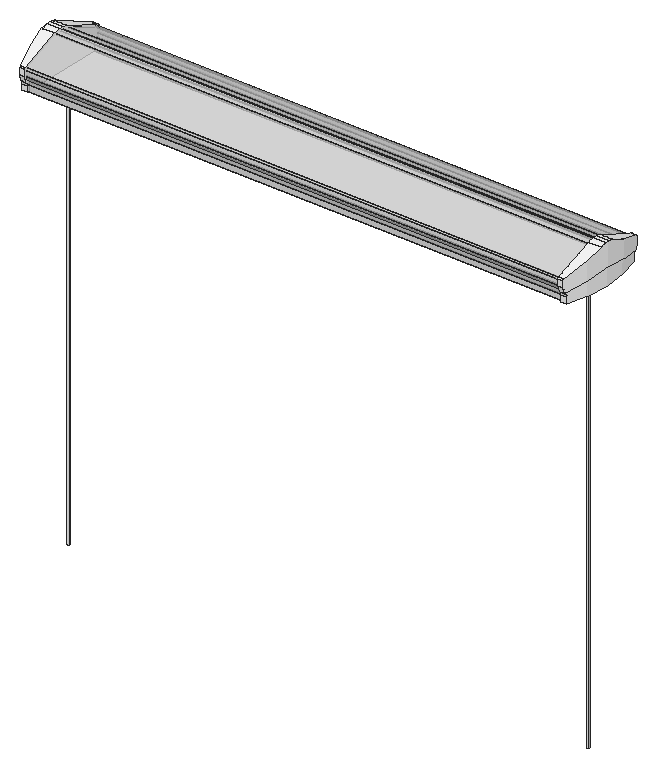
Revit family "0044873 Lighting Fixture_Sylvania_DeltaWing-LED-Electronic_Ceiling Pendant", category Lighting Fixtures, host Face, Revit 2017
Family settings
  Host = Face
  Round Connector Dimension = Use Diameter
  Part Type = Normal
  OmniClass Number = 23.80.70.11.17
  OmniClass Title = Specialized Lighting by Location or Use
  Cut with Voids When Loaded = No
  Light Source = Yes
  Shared = No
  Room Calculation Point = No
Parameters (values of type "DELTAWING LED51 EB 4K 1200")
  Width = 200.0 mm
  Weight = 3.40 kg
  Wattage = 50 W
  built-in parameter 1150110 = 1 (stored number, unit not read)
  Voltage Comments = "UNV (Universal Voltage; 220-240 Volt)"  # constant formula
  Voltage = 230 V  # constant formula
  URL = "http://www.sylvania-lighting.com"
  built-in parameter 1114217 = 1 (stored number, unit not read)
  Tilt Angle = -90.00°
  built-in parameter 1150109 = 1 (stored number, unit not read)
  built-in parameter 1150134 = 12
  Ta Rating = "-10°C to +25°C"  # constant formula
  built-in parameter 1150113 = 1 (stored number, unit not read)
  Product Page URL = "http://www.sylvania-lighting.com/product/en-int/products/0044873"
  Product Family = "DELTAWING LED - ELECTRONIC"  # constant formula
  Photometry Comments = ""
  Photometric Web File = "0044873_DELTAWINGLED51EB4K1200-197914.ies"
  Mounting Height = 1000.0 mm
  Mounting Distance = 1130.0 mm
  Life = "50 000h"  # constant formula
  Length = 1218.0 mm
  LOR = "100%"
  Inrush Current (max. quantity per 16A C breaker) = "20"  # constant formula
  IP Rating = "IP44"  # constant formula
  IK Rating = "IK08"  # constant formula
  Height = 85.0 mm
  Glow Wire Test = 850 °C  # constant formula
  Glare Control = "UGR<23"  # constant formula
  Emit from Line Length = Length - 2.0 mm * 29  # 1160.0 mm
  Electrical Protection = "Class I"  # constant formula
  Drive Current = "350 mA"  # constant formula
  built-in parameter 1114216 [instance] = 1 (stored number, unit not read)
  Cap Material = Plastic_Sylvania_DeltaWing_White
  Model = "DELTAWING LED51 EB 4K 1200"
  Manufacturer = "Feilo Sylvania"
  built-in parameter 1150105 = 1642 (stored number, unit not read)
  Lumens = 5144 lm
  built-in parameter 1150115 = 1 (stored number, unit not read)
  built-in parameter 1150137 = (empty or 0)
  built-in parameter 1150139 = (empty or 0)
  built-in parameter 1150112 = 1 (stored number, unit not read)
  built-in parameter 1150114 = 1 (stored number, unit not read)
  Lamp = "Integrated LED"  # constant formula
  built-in parameter 1150132 = 2
  built-in parameter 1150102 = (empty or 0)
  built-in parameter 1150107 = 4000 (stored number, unit not read)
  built-in parameter 1150138 = (empty or 0)
  built-in parameter 1150106 = 16.42 (stored number, unit not read)
  CRI (Ra) = "> 80"  # constant formula
  Body Material = Steel_Sylvania_DeltaWing_White
  built-in parameter 1150104 = 9.5579 (stored number, unit not read)
  Dimming Lamp Color Temperature Shift = <None>
  Diffuser Material = Polycarbonate_Sylvania_DeltaWing_Opal_4000K
  Description = "Low profile surface and suspended LED diffuser luminaire DeltaWing LED is perfect to fulfil a wide range of applications, including educational environments, medical buildings, storage facilities and circulation areas including stairwells High performance: delivers up to 7,260lm (luminaire lumen output on 4,000K version), and up to 102lm/W (total system efficiency) Available in neutral white (4,000K) and warm white (3,000K) Smooth Polycarbonate extruded diffuser provides high efficiency, while minimising glare Precision prisms designed to optimise light output and reduce glare Options of non-dimmable, DALI, 3 hour maintained Emergency and Integrated Microwave sensor as standard Integrated Microwave sensor mounted discretely behind the diffuser helps further reduce energy and maintenance bills Suitable for suspended mounting using wire suspension kit (to be ordered seperately) BESA box connection possibility standard on product Long lifetime: 50,000 hours life at 70% of the original output L70 Energy class: A++, A+, A"  # constant formula
  Default Elevation = 0.0 mm
  Color Filter = 16777215
  Catalog Number = "0044873 DELTAWING LED51 EB 4K 1200"
  built-in parameter 1140040 [instance] = 1
  built-in parameter 1114218 = 1 (stored number, unit not read)
  built-in parameter 1150133 = 10 (stored number, unit not read)
  Assembly Code = "D5020200"
  Apparent Load = 50 VA
Reference planes
  plane 1 "Center (Front/Back)": y = 0
  plane 2 "Fixture Top": z = 915
  plane 3 "Center (Left/Right)": x = 0
  plane 4 "Fixture Left": x = -609
  plane 5 "Fixture Right": x = 609
  plane 6 "Fixture Back": y = 100
  plane 7 "Fixture Front": y = -100
  plane 8 "Cap left": x = -580
  plane 9 "Cap Right": x = 580
  plane 10 "Lamp Plane": z = 937
  plane 11 "Fixture Bottom": z = 1000
  plane 12: y = 20
  plane 13: y = -20
  plane 14: x = -565
  plane 15: x = 565
  plane 16: z = 900
Forms (mm)
  Extrusion 1, solid, material "Steel_Sylvania_DeltaWing_White" <- "Body Material", detail levels fine
    sketch origin (0, 0, 0) x (0, 1, 0) y (0, 0, 1)
      loop
        line (-88.5, 915) -> (88.5, 915) -> (88.5, 928.239) -> (90.848, 937) -> (88.777, 937) -> (86.5, 928.502) -> (86.5, 917) -> (-86.5, 917) -> (-86.5, 928.502) -> (-88.777, 937) -> (-90.848, 937) -> (-88.5, 928.239) -> (-88.5, 915)
    from -580 to 580
  Extrusion 2, solid, material "Polycarbonate_Sylvania_DeltaWing_Opal_4000K" <- "Diffuser Material", detail levels fine
    sketch origin (0, 0, 0) x (0, 1, 0) y (0, 0, 1)
      loop
        line (96, 948.502) -> (94.018, 941.104) -> (92.041, 941.455) -> (88.5, 928.239) -> (88.5, 915) -> (90.5, 915) -> (90.5, 927.975) -> (93.498, 939.165) -> (95.475, 938.815) -> (98, 948.238) -> (98, 959.42)
        arc (98, 959.42) -> (97.319, 961.653) -> (95.506, 963.125) r 4
        line (95.506, 963.125) -> (16.971, 995.055)
        arc (16.971, 995.055) -> (9.581, 997.257) -> (1.906, 998) r 40
        line (1.906, 998) -> (-1.906, 998)
        arc (-1.906, 998) -> (-9.581, 997.257) -> (-16.971, 995.055) r 40
        line (-16.971, 995.055) -> (-95.506, 963.125)
        arc (-95.506, 963.125) -> (-97.319, 961.653) -> (-98, 959.42) r 4
        line (-98, 959.42) -> (-98, 948.238) -> (-95.475, 938.815) -> (-93.498, 939.165) -> (-90.5, 927.975) -> (-90.5, 915) -> (-88.5, 915) -> (-88.5, 928.239) -> (-92.041, 941.455) -> (-94.018, 941.104) -> (-96, 948.502) -> (-96, 958.074)
        arc (-96, 958.074) -> (-95.319, 960.307) -> (-93.506, 961.779) r 4
        line (-93.506, 961.779) -> (-15.978, 993.299)
        arc (-15.978, 993.299) -> (-9.922, 995.17) -> (-3.638, 996) r 37.685
        line (-3.638, 996) -> (3.638, 996)
        arc (3.638, 996) -> (9.922, 995.17) -> (15.978, 993.299) r 37.685
        line (15.978, 993.299) -> (93.506, 961.779)
        arc (93.506, 961.779) -> (95.319, 960.307) -> (96, 958.074) r 4
        line (96, 958.074) -> (96, 948.502)
    from -580 to 580
  Extrusion 3, solid, material "Steel_Sylvania_DeltaWing_White" <- "Body Material", detail levels coarse+medium
    sketch origin (0, 0, 0) x (0, 1, 0) y (0, 0, 1)
      loop
        line (-16.971, 995.055) -> (-95.506, 963.125)
        arc (-95.506, 963.125) -> (-97.319, 961.653) -> (-98, 959.42) r 4
        line (-98, 959.42) -> (-98, 948.238) -> (-95.475, 938.815) -> (-93.498, 939.165) -> (-90.5, 927.975) -> (-90.5, 915) -> (90.5, 915) -> (90.5, 927.975) -> (93.498, 939.165) -> (95.475, 938.815) -> (98, 948.238) -> (98, 959.42)
        arc (98, 959.42) -> (97.319, 961.653) -> (95.506, 963.125) r 4
        line (95.506, 963.125) -> (16.971, 995.055)
        arc (16.971, 995.055) -> (9.581, 997.257) -> (1.906, 998) r 40
        line (1.906, 998) -> (-1.906, 998)
        arc (-1.906, 998) -> (-9.581, 997.257) -> (-16.971, 995.055) r 40
    from -580 to 580
  Extrusion 4, solid, material "Steel_Sylvania_DeltaWing_White" <- "Body Material", detail levels fine
    sketch origin (0, 0, 60) x (-1, 0, 0) y (0, -1, 0)
      loop
        circle (565, 0) r 6
      loop
        circle (-565, 0) r 6
    from 840 to 855
  Extrusion 5, solid, material "Steel_Sylvania_DeltaWing_White" <- "Body Material", detail levels fine
    sketch origin (0, 0, 60) x (-1, 0, 0) y (0, -1, 0)
      loop
        circle (565, 0) r 2.5
      loop
        circle (-565, 0) r 2.5
    from -60 to 840
Lines and regions (mm)
  model lines, detail levels coarse+medium
    curve 1: line (-565, 0, 915) -> (-565, 0, 0)
    curve 2: line (565, 0, 915) -> (565, 0, 0)
Dimensions and locks
  equal spacing: plane 4 "Fixture Left", plane 3 "Center (Left/Right)", plane 5 "Fixture Right"
  "Length": plane 4 "Fixture Left" to plane 5 "Fixture Right"
  locked: plane 4 "Fixture Left" to plane 8 "Cap left" at 29
  locked: plane 9 "Cap Right" to plane 5 "Fixture Right" at 29
  "Height": plane 11 "Fixture Bottom" to plane 2 "Fixture Top"
  equal spacing: plane 6 "Fixture Back", plane 1 "Center (Front/Back)", plane 7 "Fixture Front"
  "Width": plane 6 "Fixture Back" to plane 7 "Fixture Front"
  equal spacing: plane 12, plane 1 "Center (Front/Back)", plane 13
  "Mounting Height": plane 11 "Fixture Bottom" to level
  equal spacing: plane 14, plane 3 "Center (Left/Right)", plane 15
  "Mounting Distance": plane 14 to plane 15
  plane 2 "Fixture Top" to plane 16 = 15.0 mm
  locked: plane 10 "Lamp Plane" to plane 2 "Fixture Top" at 22
  aligned and locked: level to host face
  aligned and locked: nested 1 to plane 1 "Center (Front/Back)"
  aligned and locked: nested 1 to plane 5 "Fixture Right"
  aligned and locked: nested 2 to plane 4 "Fixture Left"
  aligned and locked: plane 2 "Fixture Top" to Extrusion 1 sketch curve
  aligned and locked: Extrusion 1 to plane 8 "Cap left"
  aligned and locked: plane 9 "Cap Right" to Extrusion 1
  aligned and locked: Extrusion 2 to plane 8 "Cap left"
  aligned and locked: plane 9 "Cap Right" to Extrusion 2
  aligned and locked: Extrusion 3 sketch curve to Extrusion 2  (x2)
  aligned and locked: Extrusion 3 to plane 8 "Cap left"
  aligned and locked: plane 9 "Cap Right" to Extrusion 3
  aligned and locked: plane 2 "Fixture Top" to nested 2
  aligned and locked: nested 1 to plane 2 "Fixture Top"
  aligned and locked: Extrusion 3 sketch curve to plane 2 "Fixture Top"
  aligned and locked: plane 2 "Fixture Top" to Extrusion 2 sketch curve
  aligned and locked: Extrusion 2 sketch curve to plane 2 "Fixture Top"
  aligned and locked: plane 2 "Fixture Top" to Extrusion 4
  aligned and locked: Extrusion 4 to plane 16
  aligned and locked: level to curve 1
  aligned and locked: curve 1 to plane 14
  aligned and locked: level to curve 2
  aligned and locked: curve 2 to plane 15
  aligned and locked: plane 16 to Extrusion 5
  aligned and locked: Extrusion 5 to level
  aligned and locked: imposter light to plane 1 "Center (Front/Back)"
  aligned and locked: plane 3 "Center (Left/Right)" to imposter light
  aligned and locked: plane 11 "Fixture Bottom" to imposter light
  aligned and locked: plane 2 "Fixture Top" to curve 2
  aligned and locked: plane 2 "Fixture Top" to curve 1
Automatic sketch dimensions
  host sketch curve to host sketch curve = 1713.741 mm
  host sketch curve to host sketch curve = 1283.632 mm
  plane 7 "Fixture Front" to Extrusion 2 sketch curve = 2.0 mm
  Extrusion 2 sketch curve to plane 10 "Lamp Plane" = 9.025 mm  (x2)
  Extrusion 2 sketch curve to Extrusion 2 sketch curve = 2.0 mm  (x8)
  Extrusion 2 sketch curve to Extrusion 2 sketch curve = 2.494 mm
  plane 10 "Lamp Plane" to Extrusion 2 sketch curve = 1.815 mm  (x2)
  plane 7 "Fixture Front" to Extrusion 2 sketch curve = 4.525 mm
  Extrusion 2 sketch curve to Extrusion 2 sketch curve = 1.457 mm  (x2)
  plane 10 "Lamp Plane" to Extrusion 2 sketch curve = 2.165 mm  (x2)
  Extrusion 2 sketch curve to Extrusion 2 sketch curve = 0.52 mm
  Extrusion 2 sketch curve to Extrusion 2 sketch curve = 1.977 mm  (x3)
  plane 7 "Fixture Front" to Extrusion 2 sketch curve = 9.5 mm
  plane 13 to Extrusion 2 sketch curve = 3.029 mm
  Extrusion 2 sketch curve to Extrusion 2 sketch curve = 0.993 mm  (x2)
  plane 1 "Center (Front/Back)" to Extrusion 2 sketch curve = 3.638 mm
  plane 1 "Center (Front/Back)" to Extrusion 2 sketch curve = 1.906 mm
  Extrusion 2 sketch curve to plane 1 "Center (Front/Back)" = 1.906 mm
  Extrusion 2 sketch curve to Extrusion 2 sketch curve = 1.732 mm
  plane 12 to Extrusion 2 sketch curve = 4.022 mm
  Extrusion 2 sketch curve to plane 6 "Fixture Back" = 11.5 mm
  Extrusion 2 sketch curve to plane 6 "Fixture Back" = 7.959 mm
  Extrusion 2 sketch curve to plane 6 "Fixture Back" = 6.494 mm
  Extrusion 2 sketch curve to plane 6 "Fixture Back" = 4.0 mm
  Extrusion 2 sketch curve to plane 6 "Fixture Back" = 2.0 mm
  Extrusion 2 sketch curve to Extrusion 2 sketch curve = 0.041 mm  (x2)
  Extrusion 2 sketch curve to Extrusion 2 sketch curve = 1.506 mm
  Extrusion 2 sketch curve to Extrusion 2 sketch curve = 0.494 mm
  Extrusion 2 sketch curve to Extrusion 2 sketch curve = 0.263 mm  (x4)
  Extrusion 2 sketch curve to Extrusion 2 sketch curve = 1.939 mm  (x2)
  Extrusion 2 sketch curve to Extrusion 2 sketch curve = 0.351 mm  (x2)
  Extrusion 2 sketch curve to Extrusion 2 sketch curve = 7.134 mm  (x2)
  Extrusion 2 sketch curve to Extrusion 2 sketch curve = 9.572 mm  (x2)
  Extrusion 2 sketch curve to Extrusion 2 sketch curve = 1.346 mm  (x2)
  Extrusion 2 sketch curve to plane 11 "Fixture Bottom" = 6.701 mm
  Extrusion 2 sketch curve to Extrusion 2 sketch curve = 0.0 mm
  Extrusion 2 sketch curve to Extrusion 2 sketch curve = 1.755 mm  (x2)
  Extrusion 2 sketch curve to Extrusion 2 sketch curve = 2.701 mm
  Extrusion 1 sketch curve to Extrusion 1 sketch curve = 2.0 mm  (x2)
  Extrusion 1 sketch curve to Extrusion 1 sketch curve = 0.263 mm  (x2)
  Extrusion 1 sketch curve to Extrusion 1 sketch curve = 2.071 mm  (x2)
  plane 7 "Fixture Front" to Extrusion 1 sketch curve = 9.152 mm
  plane 13 to Extrusion 3 sketch curve = 3.029 mm
  Extrusion 3 sketch curve to Extrusion 3 sketch curve = 1.506 mm  (x2)
  Extrusion 3 sketch curve to Extrusion 3 sketch curve = 11.181 mm  (x2)
  plane 10 "Lamp Plane" to Extrusion 3 sketch curve = 1.815 mm  (x2)
  plane 7 "Fixture Front" to Extrusion 3 sketch curve = 4.525 mm
  plane 10 "Lamp Plane" to Extrusion 3 sketch curve = 2.165 mm  (x2)
  Extrusion 3 sketch curve to Extrusion 3 sketch curve = 1.977 mm  (x2)
  plane 7 "Fixture Front" to Extrusion 3 sketch curve = 9.5 mm
  Extrusion 3 sketch curve to plane 10 "Lamp Plane" = 9.025 mm  (x2)
  plane 1 "Center (Front/Back)" to Extrusion 3 sketch curve = 1.906 mm
  plane 10 "Lamp Plane" to Extrusion 3 sketch curve = 21.0 mm
  plane 12 to Extrusion 3 sketch curve = 3.029 mm
  Extrusion 3 sketch curve to plane 1 "Center (Front/Back)" = 1.906 mm
  Extrusion 3 sketch curve to plane 6 "Fixture Back" = 4.494 mm
  Extrusion 3 sketch curve to Extrusion 3 sketch curve = 0.0 mm
  plane 10 "Lamp Plane" to Extrusion 3 sketch curve = 26.125 mm
  Extrusion 3 sketch curve to plane 6 "Fixture Back" = 2.0 mm
  Extrusion 3 sketch curve to plane 6 "Fixture Back" = 4.525 mm
  Extrusion 3 sketch curve to plane 6 "Fixture Back" = 9.5 mm
  Extrusion 1 sketch curve to plane 6 "Fixture Back" = 11.223 mm
  plane 7 "Fixture Front" to Extrusion 1 sketch curve = 11.5 mm
  Extrusion 1 sketch curve to plane 6 "Fixture Back" = 13.5 mm
  plane 1 "Center (Front/Back)" to Extrusion 4 sketch curve = 0.0 mm  (x2)
  Extrusion 4 sketch curve to plane 15 = 0.0 mm
  Extrusion 4 sketch curve to plane 14 = 0.0 mm
  plane 1 "Center (Front/Back)" to Extrusion 5 sketch curve = 0.0 mm  (x2)
  Extrusion 5 sketch curve to plane 15 = 0.0 mm
  Extrusion 5 sketch curve to plane 14 = 0.0 mm
  Extrusion 1 sketch curve to plane 10 "Lamp Plane" = 8.761 mm  (x2)
  plane 2 "Fixture Top" to Extrusion 1 sketch curve = 2.0 mm
  Extrusion 1 sketch curve to plane 10 "Lamp Plane" = 0.0 mm  (x2)
  radius of Extrusion 4 sketch curve = 6.0 mm  (x2)
  radius of Extrusion 5 sketch curve = 2.5 mm  (x2)
Nested families
  nested 1: "Cap" at (580, 0, 915) x (0, 1, 0) z (0, 0, 1), type "Type"
  nested 2: "Cap" at (-580, 0, 915) x (0, 1, 0) z (0, 0, 1), type "Type"
Connectors
  electrical at (0, 0, 915), driven by "Voltage", driven by "Apparent Load"
    settings: on Extrusion 1, index 1, voltage 230 V, apparent load 0 VA, apparent load phase1 50 VA, apparent load phase2 0 VA, apparent load phase3 0 VA, power factor 1, load classification "Lighting", number of poles 1, system type 31, power factor state 1, is connector primary yes, connector utility no, sub classification motor no, connector description ""
Definition of nested family "Cap"
  Parameters
    Height = 85.0 mm
    Width = 200.0 mm
    Default Elevation = 0.0 mm
    Cap Material = none
  Reference planes
    plane 1 "Center (Front/Back)": y = 0
    plane 2: z = 0
    plane 3 "Center (Left/Right)": x = 0
    plane 4: x = 100
    plane 5: x = -100
    plane 6: y = -29
    plane 7: y = -10
    plane 8: z = 85
    plane 9: z = 17
    plane 10: z = 22
    plane 11: z = 37
  Forms (mm)
    Extrusion 1, solid, material <- "Cap Material"
      sketch origin (0, 0, 0) x (1, 0, 0) y (0, 1, 0)
        loop
          line (-100, 0) -> (-100, -10)
          arc (-100, -10) -> (0, -28.818) -> (100, -10) r 275.114
          line (100, -10) -> (100, 0) -> (-100, 0)
      from 0 to 85
    Extrusion 2, void
      sketch origin (0, 0, 0) x (1, 0, 0) y (0, 0, 1)
        loop
          line (-92.5, 0) -> (-92.5, 12.712) -> (-94.955, 21.876) -> (-96.887, 21.358) -> (-101.913, 40.115)
          arc (-101.913, 40.115) -> (-101.345, 45.755) -> (-97.183, 49.603) r 8
          line (-97.183, 49.603) -> (-17.481, 82.006)
          arc (-17.481, 82.006) -> (-8.901, 84.444) -> (0, 85) r 41.685
          arc (0, 85) -> (8.901, 84.444) -> (17.481, 82.006) r 41.685
          line (17.481, 82.006) -> (97.183, 49.603)
          arc (97.183, 49.603) -> (101.345, 45.755) -> (101.913, 40.115) r 8
          line (101.913, 40.115) -> (96.887, 21.358) -> (94.955, 21.876) -> (92.5, 12.712) -> (92.5, 0) -> (117.5, 0) -> (117.5, 106.013) -> (-117.5, 106.013) -> (-117.5, 0) -> (-92.5, 0)
      from 0 to 250
    Extrusion 3, void
      sketch origin (0, 0, 0) x (1, 0, 0) y (0, 0, 1)
        loop
          line (-94.955, 21.876) -> (-100, 20.524) -> (-100, 0) -> (100, 0) -> (100, 20.524) -> (94.955, 21.876) -> (10.419, 36.87)
          arc (10.419, 36.87) -> (0, 37.781) -> (-10.419, 36.87) r 60
          line (-10.419, 36.87) -> (-94.955, 21.876)
      from -68.585 to 250
    Extrusion 4, solid, material <- "Cap Material"
      sketch origin (0, 0, 0) x (1, 0, 0) y (0, 1, 0)
        loop
          line (-100, 0) -> (-100, -9.525)
          arc (-100, -9.525) -> (0.169, -27.445) -> (100, -7.727) r 275.114
          line (100, -7.727) -> (100, 0) -> (-100, 0)
      from 0 to 85
    Extrusion 5, void
      sketch origin (0, 0, 0) x (1, 0, 0) y (0, 0, 1)
        loop
          line (-92.5, 0) -> (-92.5, 12.712) -> (-94.955, 21.876) -> (-96.887, 21.358) -> (-101.913, 40.115)
          arc (-101.913, 40.115) -> (-101.345, 45.755) -> (-97.183, 49.603) r 8
          line (-97.183, 49.603) -> (-17.481, 82.006)
          arc (-17.481, 82.006) -> (-8.901, 84.444) -> (0, 85) r 41.685
          arc (0, 85) -> (8.901, 84.444) -> (17.481, 82.006) r 41.685
          line (17.481, 82.006) -> (97.183, 49.603)
          arc (97.183, 49.603) -> (101.345, 45.755) -> (101.913, 40.115) r 8
          line (101.913, 40.115) -> (96.887, 21.358) -> (94.955, 21.876) -> (92.5, 12.712) -> (92.5, 0) -> (117.5, 0) -> (117.5, 106.013) -> (-117.5, 106.013) -> (-117.5, 0) -> (-92.5, 0)
      from 0 to 250
  Cuts and joins
    Extrusion 2, Extrusion 3, Extrusion 5 cuts Extrusion 1
    Extrusion 5 cuts Extrusion 4
    joined: Extrusion 1, Extrusion 4
  Dimensions and locks
    equal spacing: plane 5, plane 3 "Center (Left/Right)", plane 4
    "Width": plane 5 to plane 4
    locked: plane 1 "Center (Front/Back)" to plane 6 at 29
    plane 1 "Center (Front/Back)" to plane 7 = 10.0 mm
    "Height": plane 8 to level
    plane 9 to plane 2 = 17.0 mm
    plane 10 to plane 9 = 5.0 mm
    Extrusion 2 sketch curve to plane 5 = 7.5 mm
    aligned and locked: level to plane 2
    aligned and locked: plane 1 "Center (Front/Back)" to Extrusion 1 sketch curve
    aligned and locked: Extrusion 1 sketch curve to plane 5
    aligned and locked: Extrusion 1 sketch curve to plane 4
    aligned and locked: plane 7 to Extrusion 1 sketch curve  (x2)
    aligned and locked: Extrusion 1 to plane 2
    aligned and locked: plane 8 to Extrusion 1
  Automatic sketch dimensions
    Extrusion 1 sketch curve to plane 1 "Center (Front/Back)" = 246.296 mm
    Extrusion 2 sketch curve to plane 5 = 17.5 mm
    Extrusion 2 sketch curve to plane 9 = 4.288 mm
    Extrusion 2 sketch curve to plane 3 "Center (Left/Right)" = 0.0 mm
    Extrusion 2 sketch curve to plane 8 = 0.0 mm
    Extrusion 2 sketch curve to plane 5 = 1.913 mm
    plane 5 to Extrusion 2 sketch curve = 2.817 mm
    plane 10 to Extrusion 2 sketch curve = 0.642 mm  (x2)
    plane 5 to Extrusion 2 sketch curve = 3.113 mm
    plane 10 to Extrusion 2 sketch curve = 0.124 mm  (x2)
    Extrusion 2 sketch curve to plane 8 = 2.994 mm  (x2)
    Extrusion 2 sketch curve to plane 3 "Center (Left/Right)" = 17.481 mm
    plane 3 "Center (Left/Right)" to Extrusion 2 sketch curve = 17.481 mm
    Extrusion 2 sketch curve to plane 4 = 7.5 mm
    Extrusion 2 sketch curve to plane 4 = 5.045 mm
    Extrusion 2 sketch curve to Extrusion 2 sketch curve = 1.932 mm
    Extrusion 2 sketch curve to plane 4 = 2.817 mm
    plane 4 to Extrusion 2 sketch curve = 1.913 mm
    plane 4 to Extrusion 2 sketch curve = 17.5 mm
    plane 5 to Extrusion 2 sketch curve = 5.814 mm
    Extrusion 2 sketch curve to plane 3 "Center (Left/Right)" = 1.865 mm
    plane 3 "Center (Left/Right)" to Extrusion 2 sketch curve = 1.865 mm
    Extrusion 2 sketch curve to plane 4 = 5.814 mm
    Extrusion 2 sketch curve to Extrusion 2 sketch curve = 9.488 mm  (x2)
    plane 8 to Extrusion 2 sketch curve = 21.013 mm
    Extrusion 2 sketch curve to level = 0.0 mm  (x2)
    Extrusion 3 sketch curve to plane 3 "Center (Left/Right)" = 0.0 mm
    plane 10 to Extrusion 3 sketch curve = 0.124 mm  (x2)
    Extrusion 3 sketch curve to plane 3 "Center (Left/Right)" = 10.419 mm
    plane 3 "Center (Left/Right)" to Extrusion 3 sketch curve = 10.419 mm
    plane 11 to Extrusion 3 sketch curve = 0.13 mm
    plane 10 to Extrusion 3 sketch curve = 1.476 mm  (x2)
    Extrusion 3 sketch curve to level = 0.0 mm
    Extrusion 3 sketch curve to plane 5 = 0.0 mm
    Extrusion 3 sketch curve to Extrusion 3 sketch curve = 22.219 mm
    plane 5 to Extrusion 3 sketch curve = 5.045 mm
    Extrusion 3 sketch curve to plane 4 = 5.045 mm
    plane 4 to Extrusion 3 sketch curve = 0.0 mm
    plane 1 "Center (Front/Back)" to Extrusion 4 sketch curve = 0.0 mm
    Extrusion 4 sketch curve to plane 5 = 0.0 mm
    Extrusion 4 sketch curve to plane 4 = 0.0 mm
    plane 7 to Extrusion 4 sketch curve = 2.273 mm
    plane 7 to Extrusion 4 sketch curve = 0.475 mm
    Extrusion 4 sketch curve to plane 1 "Center (Front/Back)" = 247.658 mm
    Extrusion 5 sketch curve to level = 0.0 mm  (x2)
    Extrusion 5 sketch curve to plane 5 = 17.5 mm
    Extrusion 5 sketch curve to plane 9 = 4.288 mm  (x2)
    Extrusion 5 sketch curve to plane 3 "Center (Left/Right)" = 0.0 mm
    Extrusion 5 sketch curve to plane 8 = 0.0 mm
    Extrusion 5 sketch curve to plane 5 = 1.913 mm
    plane 5 to Extrusion 5 sketch curve = 2.817 mm
    plane 10 to Extrusion 5 sketch curve = 0.642 mm  (x2)
    plane 5 to Extrusion 5 sketch curve = 3.113 mm
    plane 10 to Extrusion 5 sketch curve = 0.124 mm  (x2)
    Extrusion 5 sketch curve to Extrusion 5 sketch curve = 1.932 mm
    Extrusion 5 sketch curve to plane 8 = 2.994 mm  (x2)
    Extrusion 5 sketch curve to plane 3 "Center (Left/Right)" = 17.481 mm
    plane 3 "Center (Left/Right)" to Extrusion 5 sketch curve = 17.481 mm
    Extrusion 5 sketch curve to plane 4 = 7.5 mm
    Extrusion 5 sketch curve to plane 4 = 5.045 mm
    Extrusion 5 sketch curve to plane 4 = 2.817 mm
    plane 4 to Extrusion 5 sketch curve = 1.913 mm
    plane 4 to Extrusion 5 sketch curve = 17.5 mm
    plane 5 to Extrusion 5 sketch curve = 5.814 mm
    Extrusion 5 sketch curve to plane 3 "Center (Left/Right)" = 1.865 mm
    plane 3 "Center (Left/Right)" to Extrusion 5 sketch curve = 1.865 mm
    Extrusion 5 sketch curve to plane 4 = 5.814 mm
    Extrusion 5 sketch curve to Extrusion 5 sketch curve = 9.488 mm  (x2)
    plane 8 to Extrusion 5 sketch curve = 21.013 mm
